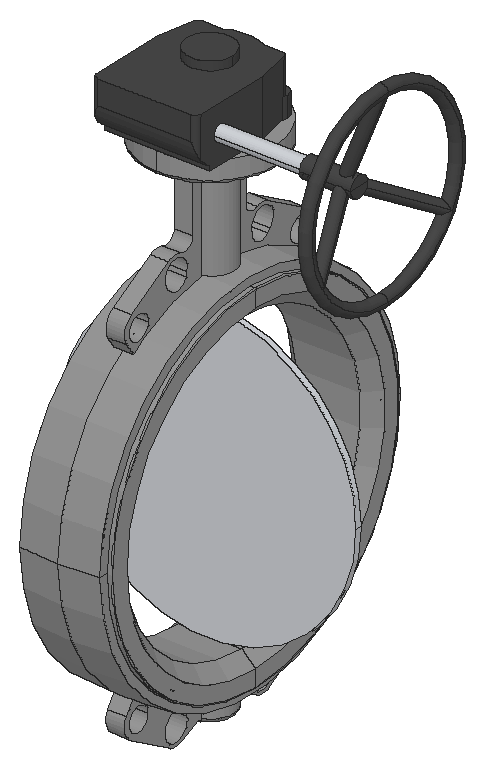
Revit family "Absperr- und Regulierklappe mit Getriebe ZF-4219", category Rohrzubehör, Revit 2020
Family settings
  Bemaßung runder Anschluss = Durchmesser verwenden
  Teiletyp = Unterbricht
  Arbeitsebenenbasiert = Nein
  Immer vertikal = Ja
  Beim Laden mit Abzugskörper schneiden = Nein
  Gemeinsam genutzt = Nein
Parameters
  Vorgabe-Ansicht = 0 mm
  URL = "www.herz-armaturen.at"
  Spindel = "Edelstahl ASTM-A276 / Type 316"  # constant formula
  Schrauben PN16 [instance] = if(Nennweite = 50 mm, "4x M16x100", if(Nennweite = 65 mm, "4x M16x100", if(Nennweite = 80 mm, "8x M16x100", if(Nennweite = 100 mm, "8x M16x110", if(Nennweite = 125 mm, "8x M16x120", if(Nennweite = 150 mm, "8x M20x120", if(Nennweite = 200 mm, "12x M20x130", if(Nennweite = 250 mm, "12x M24x140", "12x M24x160"))))))))  # "12x M24x160"
  Schrauben PN 6 [instance] = if(Nennweite = 50 mm, "4x M12x100", if(Nennweite = 65 mm, "4x M12x100", if(Nennweite = 80 mm, "4x M16x100", if(Nennweite = 100 mm, "4x M16x100", if(Nennweite = 125 mm, "8x M16x110", if(Nennweite = 150 mm, "8x M16x110", if(Nennweite = 200 mm, "--", if(Nennweite = 250 mm, "12x M16x130", "12xM16x140"))))))))  # "12xM16x140"
  Schrauben PN10 [instance] = if(Nennweite = 50 mm, "4x M16x100", if(Nennweite = 65 mm, "4x M16x100", if(Nennweite = 80 mm, "4x M16x100", if(Nennweite = 100 mm, "4x M16x110", if(Nennweite = 125 mm, "8x M16x120", if(Nennweite = 150 mm, "8x M20x120", if(Nennweite = 200 mm, "8x M20x130", if(Nennweite = 250 mm, "12x M20x130", "12x M20x150"))))))))  # "12x M20x150"
  SCTWSEQ = "FW;SBT_TYP_FW=\"101\";2"
  SCTWCODE = "04;07;02"  # constant formula
  SCRNSEQ = "ARM;ARM_TYP=\"ALLF\";2"
  SCRNCODE = "05;13;02"  # constant formula
  R_Dichtung = 1.5 mm  # constant formula
  PN16 [instance] = or(Nennweite = 50 mm, Nennweite = 65 mm, Nennweite = 80 mm, Nennweite = 100 mm, Nennweite = 125 mm, Nennweite = 150 mm, Nennweite = 200 mm, Nennweite = 250 mm, Nennweite = 300 mm)  # yes
  PN10 [instance] = or(Nennweite = 50 mm, Nennweite = 65 mm, Nennweite = 80 mm, Nennweite = 100 mm, Nennweite = 125 mm, Nennweite = 150 mm, Nennweite = 200 mm, Nennweite = 250 mm, Nennweite = 300 mm)  # yes
  PN 6 [instance] = or(Nennweite = 50 mm, Nennweite = 65 mm, Nennweite = 80 mm, Nennweite = 100 mm, Nennweite = 125 mm, Nennweite = 150 mm, Nennweite = 250 mm, Nennweite = 300 mm)  # yes
  PN [instance] = 16  # constant formula
  O-Ring = "EPDM entsprechend ISO 1691"  # constant formula
  Nennweite [instance] = 300 mm
  Min. Betriebstemperatur = "-20.00 °C bei entsprechender Wasser-Glycolmischung"  # constant formula
  Medium = "Ethylen- und Propyleneglykol kann in einem Mischungsverhältnis zwischen 25 - 50 vol. [%] verwendet werden."
  Max. Betriebstemperatur = 110 °C  # constant formula
  LO1 [instance] = R05 + 10 mm  # 193 mm
  L16 [instance] = L01 - L13  # 299 mm
  L15 [instance] = L01 + L12  # 328 mm
  L14 [instance] = size_lookup("4219_ZF_G", "L_14", 44.4 mm, Nennweite)  # 89.4 mm
  L13 [instance] = size_lookup("4219_ZF_G", "L_13", 15 mm, Nennweite)  # 9 mm
  L12 [instance] = size_lookup("4219_ZF_G", "L_12", 15 mm, Nennweite)  # 20 mm
  L11 [instance] = size_lookup("4219_ZF_G", "L_11", 15 mm, Nennweite)  # 23 mm
  L10 [instance] = size_lookup("4219_ZF_G", "L_10", 16 mm, Nennweite)  # 16 mm
  L09 [instance] = size_lookup("4219_ZF_G", "L9", 29 mm, Nennweite)  # 61 mm
  L08 [instance] = size_lookup("4219_ZF_G", "L8", 43 mm, Nennweite)  # 78 mm
  L07 [instance] = size_lookup("4219_ZF_G", "L7", 3.5 mm, Nennweite)  # 4.5 mm
  L06 [instance] = size_lookup("4219_ZF_G", "L6", 18 mm, Nennweite)  # 44 mm
  L05 [instance] = size_lookup("4219_ZF_G", "L5", 35 mm, Nennweite)  # 67 mm
  L04 [instance] = size_lookup("4219_ZF_G", "L4", 35 mm, Nennweite)  # 17.5 mm
  L03 [instance] = size_lookup("4219_ZF_G", "L3", 35 mm, Nennweite)  # 207.5 mm
  L02 [instance] = size_lookup("4219_ZF_G", "L2", 35 mm, Nennweite)  # 122 mm
  L01 [instance] = size_lookup("4219_ZF_G", "L1", 35 mm, Nennweite)  # 308 mm
  Klappenscheibe = "Edelstahl 1.4408"  # constant formula
  Hersteller = "HERZ Armaturen Ges.m.b.H."  # constant formula
  Hebel DN 50-DN150 = "Stahl, ST14.03"  # constant formula
  Hebel DN200-300 = "Stahl, S235 DIN2458/1626"  # constant formula
  H [instance] = size_lookup("4219_ZF_G", "H1", 9 mm, Nennweite)  # 22 mm
  Gewicht in kg [instance] = size_lookup("4219_ZF_G", "M", 37.6, Nennweite)  # 37.6
  Gewicht [instance] = 0.00 kg
  Gehäuseauskleidung = "EPDM entsprechend ISO 1691"  # constant formula
  Gehäuse = "GG, GJL-250/JL1040, entsprechend EN1561"  # constant formula
  Einbaudatum [instance] = ""
  Drehmoment in Nm [instance] = size_lookup("4219_ZF_G", "NM", 350, Nennweite)  # 350
  DN300 [instance] = Nennweite = 300 mm  # yes
  DN250 [instance] = Nennweite = 250 mm  # no
  DN200 [instance] = Nennweite = 200 mm  # no
  DN150 [instance] = Nennweite = 150 mm  # no
  DN125 [instance] = Nennweite = 125 mm  # no
  DN100 [instance] = Nennweite = 100 mm  # no
  DN 80 [instance] = Nennweite = 80 mm  # no
  DN 65 [instance] = Nennweite = 65 mm  # no
  DN 50 [instance] = Nennweite = 50 mm  # no
  Chargennummer [instance] = ""
  BD [instance] = size_lookup("4219_ZF_G", "DB", 24 mm, Nennweite)  # 290 mm
  D09 [instance] = size_lookup("4219_ZF_G", "D9", 24 mm, Nennweite)  # 145 mm
  D08 [instance] = size_lookup("4219_ZF_G", "D8", 47 mm, Nennweite)  # 18 mm
  D07 [instance] = size_lookup("4219_ZF_G", "D7", 47 mm, Nennweite)  # 37.5 mm
  D06 [instance] = size_lookup("4219_ZF_G", "D6", 47 mm, Nennweite)  # 65 mm
  R05 [instance] = size_lookup("4219_ZF_G", "D5", 47 mm, Nennweite)  # 183 mm
  D05 [instance] = R05 * 2  # 366 mm
  D04 [instance] = size_lookup("4219_ZF_G", "D4", 41 mm, Nennweite)  # 175 mm
  D03 [instance] = size_lookup("4219_ZF_G", "D3", 35.5 mm, Nennweite)  # 167.5 mm
  R01 [instance] = size_lookup("4219_ZF_G", "D1", 28 mm, Nennweite)  # 154.5 mm
  R02 [instance] = size_lookup("4219_ZF_G", "D2", 30 mm, Nennweite)  # 156.5 mm
  Bestellnummer [instance] = size_lookup("4219_ZF_G", "Artnr", 1421901, Nennweite)  # 1421969
  Anwendungsgebiet = "Geeignet für Flüssigkeiten in der Haustechnik, Kaltwasser, Heißwasser, etc."
  Anschlussflansch = "entsprechend EN1092-2"  # constant formula
Reference planes
  plane 1 "Mitte (Vorne/hinten)": y = 0
  plane 2: z = 0
  plane 3 "Mitte (Links/rechts)": x = 0
Forms (mm)
  Revolve 1, solid, material "Herz-Metall-blau", detail levels fine
    sketch origin (0, 0, 0) x (1, 0, 0) y (0, 1, 0)
      loop
        line (0, 185.241) -> (-39, 183) -> (-39, 175) -> (-30.5, 175) -> (-30.5, 167.5) -> (-32, 167.5)
        arc (-32, 167.5) -> (-33.061, 167.061) -> (-33.5, 166) r 1.5
        line (-33.5, 166) -> (-33.5, 156.824)
        arc (-33.5, 156.824) -> (-33.229, 155.964) -> (-32.513, 155.415) r 1.5
        line (-32.513, 155.415) -> (-29, 154.5) -> (-22, 154.5) -> (-22, 156.5) -> (22, 156.5) -> (22, 154.5) -> (29, 154.5) -> (32.513, 155.415)
        arc (32.513, 155.415) -> (33.229, 155.964) -> (33.5, 156.824) r 1.5
        line (33.5, 156.824) -> (33.5, 166)
        arc (33.5, 166) -> (33.061, 167.061) -> (32, 167.5) r 1.5
        line (32, 167.5) -> (30.5, 167.5) -> (30.5, 175) -> (39, 175) -> (39, 183) -> (0, 185.241)
      axis (39, 0) -> (-39, 0)
    angle from 0 to 360
  Extrusion 2, solid, material "Herz-Metall-blau", visible <- "DN 50", detail levels fine
    sketch origin (0, 0, 0) x (0, 1, 0) y (0, 0, 1)
      loop
        line (20, 54.051) -> (20.008, 111.113) -> (16.897, 110.952)
        arc (16.897, 110.952) -> (15.55, 110.331) -> (15, 108.954) r 2
        line (15, 108.954) -> (15, 44.542)
        arc (15, 44.542) -> (31.465, 34.913) -> (42.748, 19.534) r 47
        arc (42.748, 19.534) -> (42.633, 20.873) -> (43.392, 21.983) r 2
        line (43.392, 21.983) -> (54.714, 30.209)
        arc (54.714, 30.209) -> (56.569, 56.569) -> (30.209, 54.714) r 17.5
        line (30.209, 54.714) -> (27.87, 51.494)
        arc (27.87, 51.494) -> (23.006, 49.914) -> (20, 54.051) r 4.35
      loop
        arc (32.065, 41.998) -> (33.588, 33.588) -> (41.998, 32.065) r 7.5
        line (41.998, 32.065) -> (48.502, 35.17)
        arc (48.502, 35.17) -> (51.265, 51.265) -> (35.17, 48.502) r 10
        line (35.17, 48.502) -> (32.065, 41.998)
      loop
        arc (-20, 54.051) -> (-23.006, 49.914) -> (-27.87, 51.494) r 4.35
        line (-27.87, 51.494) -> (-30.209, 54.714)
        arc (-30.209, 54.714) -> (-56.569, 56.569) -> (-54.714, 30.209) r 17.5
        line (-54.714, 30.209) -> (-43.392, 21.983)
        arc (-43.392, 21.983) -> (-42.633, 20.873) -> (-42.748, 19.534) r 2
        arc (-42.748, 19.534) -> (-31.465, 34.913) -> (-15, 44.542) r 47
        line (-15, 44.542) -> (-15, 108.954)
        arc (-15, 108.954) -> (-15.55, 110.331) -> (-16.897, 110.952) r 2
        line (-16.897, 110.952) -> (-20.008, 111.113) -> (-20, 54.051)
      loop
        line (-32.065, 41.998) -> (-35.17, 48.502)
        arc (-35.17, 48.502) -> (-51.265, 51.265) -> (-48.502, 35.17) r 10
        line (-48.502, 35.17) -> (-41.998, 32.065)
        arc (-41.998, 32.065) -> (-33.588, 33.588) -> (-32.065, 41.998) r 7.5
      loop
        line (32.065, -41.998) -> (35.17, -48.502)
        arc (35.17, -48.502) -> (51.265, -51.265) -> (48.502, -35.17) r 10
        line (48.502, -35.17) -> (41.998, -32.065)
        arc (41.998, -32.065) -> (33.588, -33.588) -> (32.065, -41.998) r 7.5
      loop
        line (54.714, -30.209) -> (43.392, -21.983)
        arc (43.392, -21.983) -> (42.633, -20.873) -> (42.748, -19.534) r 2
        arc (42.748, -19.534) -> (33.234, -33.234) -> (19.534, -42.748) r 47
        arc (19.534, -42.748) -> (20.873, -42.633) -> (21.983, -43.392) r 2
        line (21.983, -43.392) -> (30.209, -54.714)
        arc (30.209, -54.714) -> (56.569, -56.569) -> (54.714, -30.209) r 17.5
      loop
        arc (-32.065, -41.998) -> (-33.588, -33.588) -> (-41.998, -32.065) r 7.5
        line (-41.998, -32.065) -> (-48.502, -35.17)
        arc (-48.502, -35.17) -> (-51.265, -51.265) -> (-35.17, -48.502) r 10
        line (-35.17, -48.502) -> (-32.065, -41.998)
      loop
        arc (-54.714, -30.209) -> (-56.569, -56.569) -> (-30.209, -54.714) r 17.5
        line (-30.209, -54.714) -> (-21.983, -43.392)
        arc (-21.983, -43.392) -> (-20.873, -42.633) -> (-19.534, -42.748) r 2
        arc (-19.534, -42.748) -> (-33.234, -33.234) -> (-42.748, -19.534) r 47
        arc (-42.748, -19.534) -> (-42.633, -20.873) -> (-43.392, -21.983) r 2
        line (-43.392, -21.983) -> (-54.714, -30.209)
    from -4.5 to 4.5
  Extrusion 3, solid, material "Herz-Metall-blau", visible <- "DN 65", detail levels fine
    sketch origin (0, 0, 0) x (0, 1, 0) y (0, 0, 1)
      loop
        arc (51.659, 21.619) -> (51.541, 22.778) -> (52.089, 23.805) r 2
        line (52.089, 23.805) -> (65.407, 37.123)
        arc (65.407, 37.123) -> (65.407, 65.407) -> (37.123, 65.407) r 20
        line (37.123, 65.407) -> (29.414, 57.699)
        arc (29.414, 57.699) -> (27.235, 57.265) -> (26, 59.113) r 2
        line (26, 59.113) -> (26, 136.154) -> (19.897, 135.838)
        arc (19.897, 135.838) -> (18.55, 135.218) -> (18, 133.841) r 2
        line (18, 133.841) -> (18, 53.028)
        arc (18, 53.028) -> (38.206, 40.942) -> (51.659, 21.619) r 56
      loop
        arc (55.637, 42.831) -> (57.983, 57.983) -> (42.831, 55.637) r 9.5
        line (42.831, 55.637) -> (39.647, 48.983)
        arc (39.647, 48.983) -> (41.012, 41.012) -> (48.983, 39.647) r 7
        line (48.983, 39.647) -> (55.637, 42.831)
      loop
        arc (51.659, -21.619) -> (39.598, -39.598) -> (21.619, -51.659) r 56
        arc (21.619, -51.659) -> (22.778, -51.541) -> (23.805, -52.089) r 2
        line (23.805, -52.089) -> (37.123, -65.407)
        arc (37.123, -65.407) -> (65.407, -65.407) -> (65.407, -37.123) r 20
        line (65.407, -37.123) -> (52.089, -23.805)
        arc (52.089, -23.805) -> (51.541, -22.778) -> (51.659, -21.619) r 2
      loop
        line (55.637, -42.831) -> (48.983, -39.647)
        arc (48.983, -39.647) -> (41.012, -41.012) -> (39.647, -48.983) r 7
        line (39.647, -48.983) -> (42.831, -55.637)
        arc (42.831, -55.637) -> (57.983, -57.983) -> (55.637, -42.831) r 9.5
      loop
        arc (-51.659, -21.619) -> (-51.541, -22.778) -> (-52.089, -23.805) r 2
        line (-52.089, -23.805) -> (-65.407, -37.123)
        arc (-65.407, -37.123) -> (-65.407, -65.407) -> (-37.123, -65.407) r 20
        line (-37.123, -65.407) -> (-23.805, -52.089)
        arc (-23.805, -52.089) -> (-22.778, -51.541) -> (-21.619, -51.659) r 2
        arc (-21.619, -51.659) -> (-39.598, -39.598) -> (-51.659, -21.619) r 56
      loop
        arc (-55.637, -42.831) -> (-57.983, -57.983) -> (-42.831, -55.637) r 9.5
        line (-42.831, -55.637) -> (-39.647, -48.983)
        arc (-39.647, -48.983) -> (-41.012, -41.012) -> (-48.983, -39.647) r 7
        line (-48.983, -39.647) -> (-55.637, -42.831)
      loop
        arc (-51.659, 21.619) -> (-38.206, 40.942) -> (-18, 53.028) r 56
        line (-18, 53.028) -> (-18, 133.838)
        arc (-18, 133.838) -> (-18.55, 135.215) -> (-19.897, 135.835) r 2
        line (-19.897, 135.835) -> (-26, 136.151) -> (-26, 59.113)
        arc (-26, 59.113) -> (-27.235, 57.265) -> (-29.414, 57.699) r 2
        line (-29.414, 57.699) -> (-37.123, 65.407)
        arc (-37.123, 65.407) -> (-65.407, 65.407) -> (-65.407, 37.123) r 20
        line (-65.407, 37.123) -> (-52.089, 23.805)
        arc (-52.089, 23.805) -> (-51.541, 22.778) -> (-51.659, 21.619) r 2
      loop
        line (-55.637, 42.831) -> (-48.983, 39.647)
        arc (-48.983, 39.647) -> (-41.012, 41.012) -> (-39.647, 48.983) r 7
        line (-39.647, 48.983) -> (-42.831, 55.637)
        arc (-42.831, 55.637) -> (-57.983, 57.983) -> (-55.637, 42.831) r 9.5
    from -4.5 to 4.5
  Extrusion 4, solid, material "Herz-Metall-blau", visible <- "DN 80", detail levels fine
    sketch origin (0, 0, 0) x (0, 1, 0) y (0, 0, 1)
      loop
        line (26, 143.161) -> (20.397, 142.871)
        arc (20.397, 142.871) -> (19.05, 142.251) -> (18.5, 140.874) r 2
        line (18.5, 140.874) -> (18.5, 62.833)
        arc (18.5, 62.833) -> (41.296, 50.842) -> (57.706, 30.989) r 65.5
        arc (57.706, 30.989) -> (57.482, 32.176) -> (57.983, 33.275) r 2
        line (57.983, 33.275) -> (67.23, 43.52)
        arc (67.23, 43.52) -> (70.328, 54.798) -> (65.407, 65.407) r 17
        line (65.407, 65.407) -> (42.005, 86.53)
        arc (42.005, 86.53) -> (37.832, 89.302) -> (33.031, 90.738) r 17
        arc (33.031, 90.738) -> (27.974, 93.895) -> (26, 99.52) r 9
        line (26, 99.52) -> (26, 143.161)
      loop
        circle (30.615, 73.91) r 9.5
      loop
        circle (53.387, 53.387) r 9.5
      loop
        arc (57.706, -30.989) -> (41.296, -50.842) -> (18.5, -62.833) r 65.5
        line (18.5, -62.833) -> (18.5, -85.837)
        arc (18.5, -85.837) -> (30.113, -90.903) -> (42.005, -86.53) r 17
        line (42.005, -86.53) -> (65.407, -65.407)
        arc (65.407, -65.407) -> (70.328, -54.798) -> (67.23, -43.52) r 17
        line (67.23, -43.52) -> (57.983, -33.275)
        arc (57.983, -33.275) -> (57.482, -32.176) -> (57.706, -30.989) r 2
      loop
        circle (30.615, -73.91) r 9.5
      loop
        circle (53.387, -53.387) r 9.5
      loop
        arc (-57.706, -30.989) -> (-57.482, -32.176) -> (-57.983, -33.275) r 2
        line (-57.983, -33.275) -> (-67.23, -43.52)
        arc (-67.23, -43.52) -> (-70.328, -54.798) -> (-65.407, -65.407) r 17
        line (-65.407, -65.407) -> (-42.005, -86.53)
        arc (-42.005, -86.53) -> (-30.113, -90.903) -> (-18.5, -85.837) r 17
        line (-18.5, -85.837) -> (-18.5, -62.833)
        arc (-18.5, -62.833) -> (-41.296, -50.842) -> (-57.706, -30.989) r 65.5
      loop
        circle (-30.615, -73.91) r 9.5
      loop
        circle (-53.387, -53.387) r 9.5
      loop
        line (-26, 143.179) -> (-26, 99.52)
        arc (-26, 99.52) -> (-27.974, 93.895) -> (-33.031, 90.738) r 9
        arc (-33.031, 90.738) -> (-37.832, 89.302) -> (-42.005, 86.53) r 17
        line (-42.005, 86.53) -> (-65.407, 65.407)
        arc (-65.407, 65.407) -> (-70.328, 54.798) -> (-67.23, 43.52) r 17
        line (-67.23, 43.52) -> (-57.983, 33.275)
        arc (-57.983, 33.275) -> (-57.482, 32.176) -> (-57.706, 30.989) r 2
        arc (-57.706, 30.989) -> (-41.296, 50.842) -> (-18.5, 62.833) r 65.5
        line (-18.5, 62.833) -> (-18.5, 140.891)
        arc (-18.5, 140.891) -> (-19.05, 142.268) -> (-20.397, 142.888) r 2
        line (-20.397, 142.888) -> (-26, 143.179)
      loop
        circle (-30.615, 73.91) r 9.5
      loop
        circle (-53.387, 53.387) r 9.5
    from -4.5 to 4.5
  Extrusion 5, solid, material "Herz-Metall-blau", visible <- "DN100", detail levels fine
    sketch origin (0, 0, 0) x (0, 1, 0) y (0, 0, 1)
      loop
        line (64.131, 38.887) -> (73.681, 49.873)
        arc (73.681, 49.873) -> (77.063, 61.29) -> (72.125, 72.125) r 17
        line (72.125, 72.125) -> (45.809, 95.79)
        arc (45.809, 95.79) -> (41.366, 98.675) -> (36.25, 100.053) r 17
        arc (36.25, 100.053) -> (28.882, 104.596) -> (26, 112.759) r 13
        line (26, 112.759) -> (26, 166.173) -> (20.397, 165.883)
        arc (20.397, 165.883) -> (19.05, 165.263) -> (18.5, 163.886) r 2
        line (18.5, 163.886) -> (18.5, 72.683)
        arc (18.5, 72.683) -> (44.637, 60.27) -> (64.131, 38.887) r 75
      loop
        circle (60.104, 60.104) r 9.5
      loop
        circle (34.442, 83.149) r 9.5
      loop
        arc (64.131, -38.887) -> (44.637, -60.27) -> (18.5, -72.683) r 75
        line (18.5, -72.683) -> (18.5, -95.329)
        arc (18.5, -95.329) -> (21.473, -95.603) -> (24.233, -96.743) r 10
        arc (24.233, -96.743) -> (35.191, -100.133) -> (45.809, -95.79) r 17
        line (45.809, -95.79) -> (72.125, -72.125)
        arc (72.125, -72.125) -> (77.063, -61.29) -> (73.681, -49.873) r 17
        line (73.681, -49.873) -> (64.131, -38.887)
      loop
        circle (60.104, -60.104) r 9.5
      loop
        circle (34.442, -83.149) r 9.5
      loop
        line (-64.131, -38.887) -> (-73.681, -49.873)
        arc (-73.681, -49.873) -> (-77.063, -61.29) -> (-72.125, -72.125) r 17
        line (-72.125, -72.125) -> (-45.809, -95.79)
        arc (-45.809, -95.79) -> (-35.191, -100.133) -> (-24.233, -96.743) r 17
        arc (-24.233, -96.743) -> (-21.473, -95.603) -> (-18.5, -95.329) r 10
        line (-18.5, -95.329) -> (-18.5, -72.683)
        arc (-18.5, -72.683) -> (-44.637, -60.27) -> (-64.131, -38.887) r 75
      loop
        circle (-60.104, -60.104) r 9.5
      loop
        circle (-34.442, -83.149) r 9.5
      loop
        arc (-64.131, 38.887) -> (-44.637, 60.27) -> (-18.5, 72.683) r 75
        line (-18.5, 72.683) -> (-18.5, 163.876)
        arc (-18.5, 163.876) -> (-19.05, 165.253) -> (-20.397, 165.873) r 2
        line (-20.397, 165.873) -> (-26, 166.164) -> (-26, 112.759)
        arc (-26, 112.759) -> (-28.882, 104.596) -> (-36.25, 100.053) r 13
        arc (-36.25, 100.053) -> (-41.366, 98.675) -> (-45.809, 95.79) r 17
        line (-45.809, 95.79) -> (-72.125, 72.125)
        arc (-72.125, 72.125) -> (-77.063, 61.29) -> (-73.681, 49.873) r 17
        line (-73.681, 49.873) -> (-64.131, 38.887)
      loop
        circle (-60.104, 60.104) r 9.5
      loop
        circle (-34.442, 83.149) r 9.5
    from -4.5 to 4.5
  Extrusion 6, solid, material "Herz-Metall-blau", visible <- "DN125", detail levels fine
    sketch origin (0, 0, 0) x (0, 1, 0) y (0, 0, 1)
      loop
        arc (75.229, 48.945) -> (74.917, 50.244) -> (75.492, 51.45) r 2
        line (75.492, 51.45) -> (82.731, 58.69)
        arc (82.731, 58.69) -> (87.711, 70.711) -> (82.731, 82.731) r 17
        line (82.731, 82.731) -> (51.291, 109.875)
        arc (51.291, 109.875) -> (46.108, 112.941) -> (40.182, 114.007) r 17
        line (40.182, 114.007) -> (38, 114.007)
        arc (38, 114.007) -> (29.515, 117.522) -> (26, 126.007) r 12
        line (26, 126.007) -> (26, 185.157) -> (20.397, 184.867)
        arc (20.397, 184.867) -> (19.05, 184.246) -> (18.5, 182.869) r 2
        line (18.5, 182.869) -> (18.5, 87.823)
        arc (18.5, 87.823) -> (50.736, 74.033) -> (75.229, 48.945) r 89.75
      loop
        circle (40.182, 97.007) r 9.5
      loop
        circle (70.711, 70.711) r 9.5
      loop
        arc (75.229, -48.945) -> (50.736, -74.033) -> (18.5, -87.823) r 89.75
        line (18.5, -87.823) -> (18.5, -108.431)
        arc (18.5, -108.431) -> (24.248, -107.655) -> (29.46, -110.2) r 10
        arc (29.46, -110.2) -> (40.434, -114.005) -> (51.291, -109.875) r 17
        line (51.291, -109.875) -> (82.731, -82.731)
        arc (82.731, -82.731) -> (87.711, -70.711) -> (82.731, -58.69) r 17
        line (82.731, -58.69) -> (75.492, -51.45)
        arc (75.492, -51.45) -> (74.917, -50.244) -> (75.229, -48.945) r 2
      loop
        circle (40.182, -97.007) r 9.5
      loop
        circle (70.711, -70.711) r 9.5
      loop
        arc (-75.229, -48.945) -> (-74.917, -50.244) -> (-75.492, -51.45) r 2
        line (-75.492, -51.45) -> (-82.731, -58.69)
        arc (-82.731, -58.69) -> (-87.711, -70.711) -> (-82.731, -82.731) r 17
        line (-82.731, -82.731) -> (-51.291, -109.875)
        arc (-51.291, -109.875) -> (-40.434, -114.005) -> (-29.46, -110.2) r 17
        arc (-29.46, -110.2) -> (-24.248, -107.655) -> (-18.5, -108.431) r 10
        line (-18.5, -108.431) -> (-18.5, -87.823)
        arc (-18.5, -87.823) -> (-50.736, -74.033) -> (-75.229, -48.945) r 89.75
      loop
        circle (-40.182, -97.007) r 9.5
      loop
        circle (-70.711, -70.711) r 9.5
      loop
        arc (-75.229, 48.945) -> (-50.736, 74.033) -> (-18.5, 87.823) r 89.75
        line (-18.5, 87.823) -> (-18.5, 182.852)
        arc (-18.5, 182.852) -> (-19.05, 184.23) -> (-20.397, 184.85) r 2
        line (-20.397, 184.85) -> (-26, 185.14) -> (-26, 126.007)
        arc (-26, 126.007) -> (-29.515, 117.522) -> (-38, 114.007) r 12
        line (-38, 114.007) -> (-40.182, 114.007)
        arc (-40.182, 114.007) -> (-46.108, 112.941) -> (-51.291, 109.875) r 17
        line (-51.291, 109.875) -> (-82.731, 82.731)
        arc (-82.731, 82.731) -> (-87.711, 70.711) -> (-82.731, 58.69) r 17
        line (-82.731, 58.69) -> (-75.492, 51.45)
        arc (-75.492, 51.45) -> (-74.917, 50.244) -> (-75.229, 48.945) r 2
      loop
        circle (-40.182, 97.007) r 9.5
      loop
        circle (-70.711, 70.711) r 9.5
    from -6 to 6
  Extrusion 7, solid, material "Herz-Metall-blau", visible <- "DN150", detail levels fine
    sketch origin (0, 0, 0) x (0, 1, 0) y (0, 0, 1)
      loop
        line (83.495, 59.454) -> (91.57, 67.529)
        arc (91.57, 67.529) -> (96.55, 79.55) -> (91.57, 91.57) r 17
        line (91.57, 91.57) -> (57.511, 123.304)
        arc (57.511, 123.304) -> (45.758, 127.865) -> (34.095, 123.077) r 17
        arc (34.095, 123.077) -> (28.976, 122.416) -> (26, 126.633) r 5
        line (26, 126.633) -> (26, 198.177) -> (20.397, 197.887)
        arc (20.397, 197.887) -> (19.05, 197.267) -> (18.5, 195.889) r 2
        line (18.5, 195.889) -> (18.5, 100.817)
        arc (18.5, 100.817) -> (55.032, 86.474) -> (83.495, 59.454) r 102.5
      loop
        circle (45.922, 110.866) r 11.5
      loop
        circle (79.55, 79.55) r 9.5
      loop
        circle (45.922, -110.866) r 11.5
      loop
        circle (79.55, -79.55) r 9.5
      loop
        line (91.57, -67.529) -> (83.495, -59.454)
        arc (83.495, -59.454) -> (55.032, -86.474) -> (18.5, -100.817) r 102.5
        line (18.5, -100.817) -> (18.5, -123.208)
        arc (18.5, -123.208) -> (19.363, -121.755) -> (21.03, -121.482) r 2
        line (21.03, -121.482) -> (42.642, -127.546)
        arc (42.642, -127.546) -> (50.587, -127.213) -> (57.511, -123.304) r 17
        line (57.511, -123.304) -> (91.57, -91.57)
        arc (91.57, -91.57) -> (96.55, -79.55) -> (91.57, -67.529) r 17
      loop
        arc (-83.495, 59.454) -> (-55.032, 86.474) -> (-18.5, 100.817) r 102.5
        line (-18.5, 100.817) -> (-18.5, 195.875)
        arc (-18.5, 195.875) -> (-19.05, 197.252) -> (-20.397, 197.872) r 2
        line (-20.397, 197.872) -> (-26, 198.163) -> (-26, 126.633)
        arc (-26, 126.633) -> (-28.976, 122.416) -> (-34.095, 123.077) r 5
        arc (-34.095, 123.077) -> (-45.758, 127.865) -> (-57.511, 123.304) r 17
        line (-57.511, 123.304) -> (-91.57, 91.57)
        arc (-91.57, 91.57) -> (-96.55, 79.55) -> (-91.57, 67.529) r 17
        line (-91.57, 67.529) -> (-83.495, 59.454)
      loop
        circle (-45.922, 110.866) r 11.5
      loop
        circle (-79.55, 79.55) r 9.5
      loop
        circle (-45.922, -110.866) r 11.5
      loop
        circle (-79.55, -79.55) r 9.5
      loop
        arc (-91.57, -67.529) -> (-96.55, -79.55) -> (-91.57, -91.57) r 17
        line (-91.57, -91.57) -> (-57.511, -123.304)
        arc (-57.511, -123.304) -> (-50.587, -127.213) -> (-42.642, -127.546) r 17
        line (-42.642, -127.546) -> (-21.03, -121.482)
        arc (-21.03, -121.482) -> (-19.363, -121.755) -> (-18.5, -123.208) r 2
        line (-18.5, -123.208) -> (-18.5, -100.817)
        arc (-18.5, -100.817) -> (-55.032, -86.474) -> (-83.495, -59.454) r 102.5
        line (-83.495, -59.454) -> (-91.57, -67.529)
    from -7 to 7
  Extrusion 8, solid, material "Herz-Metall-blau", visible <- "DN200", detail levels fine
    sketch origin (0, 0, 0) x (0, 1, 0) y (0, 0, 1)
      loop
        arc (42.048, 153.832) -> (26.654, 145.827) -> (35.349, 130.812) r 12
        line (35.349, 130.812) -> (53.31, 124.689)
        arc (53.31, 124.689) -> (67.804, 132.4) -> (61.038, 147.359) r 12
        line (61.038, 147.359) -> (42.048, 153.832)
      loop
        line (28, 226.273) -> (22.065, 226.047)
        arc (22.065, 226.047) -> (20.655, 225.469) -> (20, 224.092) r 2.114
        line (20, 224.092) -> (20, 129.471)
        arc (20, 129.471) -> (49.604, 121.273) -> (76.485, 106.406) r 130.989
        line (76.485, 106.406) -> (76.485, 136.265)
        arc (76.485, 136.265) -> (73.108, 147.391) -> (64.117, 154.764) r 20.019
        line (64.117, 154.764) -> (38.16, 163.592)
        arc (38.16, 163.592) -> (30.802, 169.06) -> (28, 177.79) r 15
        line (28, 177.79) -> (28, 226.273)
      loop
        line (42.048, -153.832) -> (61.038, -147.359)
        arc (61.038, -147.359) -> (67.804, -132.4) -> (53.31, -124.689) r 12
        line (53.31, -124.689) -> (35.349, -130.812)
        arc (35.349, -130.812) -> (26.654, -145.827) -> (42.048, -153.832) r 12
      loop
        arc (76.446, -106.382) -> (49.585, -121.253) -> (20, -129.464) r 131
        line (20, -129.464) -> (20, -141.835)
        arc (20, -141.835) -> (28.361, -158.099) -> (46.453, -160.765) r 20
        line (46.453, -160.765) -> (64.099, -154.75)
        arc (64.099, -154.75) -> (73.075, -147.384) -> (76.446, -136.272) r 20
        line (76.446, -136.272) -> (76.446, -106.382)
      loop
        arc (-42.048, -153.832) -> (-26.654, -145.827) -> (-35.349, -130.812) r 12
        line (-35.349, -130.812) -> (-53.31, -124.689)
        arc (-53.31, -124.689) -> (-67.804, -132.4) -> (-61.038, -147.359) r 12
        line (-61.038, -147.359) -> (-42.048, -153.832)
      loop
        line (-76.446, -106.382) -> (-76.446, -136.272)
        arc (-76.446, -136.272) -> (-73.075, -147.384) -> (-64.099, -154.75) r 20
        line (-64.099, -154.75) -> (-46.453, -160.765)
        arc (-46.453, -160.765) -> (-28.361, -158.099) -> (-20, -141.835) r 20
        line (-20, -141.835) -> (-20, -129.464)
        arc (-20, -129.464) -> (-49.585, -121.253) -> (-76.446, -106.382) r 131
      loop
        line (-42.048, 153.832) -> (-61.038, 147.359)
        arc (-61.038, 147.359) -> (-67.804, 132.4) -> (-53.31, 124.689) r 12
        line (-53.31, 124.689) -> (-35.349, 130.812)
        arc (-35.349, 130.812) -> (-26.654, 145.827) -> (-42.048, 153.832) r 12
      loop
        line (-28, 226.278) -> (-28, 177.79)
        arc (-28, 177.79) -> (-30.802, 169.06) -> (-38.16, 163.592) r 15
        line (-38.16, 163.592) -> (-64.117, 154.764)
        arc (-64.117, 154.764) -> (-73.108, 147.391) -> (-76.485, 136.265) r 20.019
        line (-76.485, 136.265) -> (-76.485, 106.406)
        arc (-76.485, 106.406) -> (-49.604, 121.273) -> (-20, 129.471) r 130.989
        line (-20, 129.471) -> (-20, 224.098)
        arc (-20, 224.098) -> (-20.655, 225.475) -> (-22.065, 226.053) r 2.114
        line (-22.065, 226.053) -> (-28, 226.278)
    from -7 to 7
  Extrusion 9, solid, material "Herz-Metall-blau", visible <- "DN250", detail levels fine
    sketch origin (0, 0, 0) x (0, 1, 0) y (0, 0, 1)
      loop
        arc (-95.9, 125.382) -> (-61.406, 145.382) -> (-23, 156.095) r 157.75
        line (-23, 156.095) -> (-23, 258.814)
        arc (-23, 258.814) -> (-23.588, 260.113) -> (-24.893, 260.69) r 2
        line (-24.893, 260.69) -> (-32, 261.058) -> (-32, 187.712)
        arc (-32, 187.712) -> (-33.507, 185.205) -> (-36.428, 185.359) r 2.84
        arc (-36.428, 185.359) -> (-43.951, 188.152) -> (-51.918, 187.184) r 17
        line (-51.918, 187.184) -> (-97.072, 155.872)
        arc (-97.072, 155.872) -> (-100.207, 149.167) -> (-100.195, 141.765) r 17
        line (-100.195, 141.765) -> (-95.9, 125.382)
      loop
        circle (-83.608, 145.492) r 9.5
      loop
        circle (-45.549, 171.269) r 14
      loop
        arc (96.192, -125.349) -> (61.575, -145.51) -> (23, -156.317) r 157.999
        line (23, -156.317) -> (23, -181.388) -> (27.217, -181.388)
        arc (27.217, -181.388) -> (30.142, -181.826) -> (32.812, -183.1) r 10
        line (32.812, -183.1) -> (36.428, -185.542)
        arc (36.428, -185.542) -> (44.468, -188.388) -> (52.878, -186.972) r 17
        line (52.878, -186.972) -> (97.463, -155.872)
        arc (97.463, -155.872) -> (100.598, -149.167) -> (100.586, -141.765) r 17
        line (100.586, -141.765) -> (96.192, -125.349)
      loop
        circle (84, -145.492) r 9.5
      loop
        circle (45.94, -171.452) r 14
      loop
        line (-96.192, -125.349) -> (-100.586, -141.765)
        arc (-100.586, -141.765) -> (-100.598, -149.167) -> (-97.463, -155.872) r 17
        line (-97.463, -155.872) -> (-52.878, -186.972)
        arc (-52.878, -186.972) -> (-44.468, -188.388) -> (-36.428, -185.542) r 17
        line (-36.428, -185.542) -> (-32.812, -183.1)
        arc (-32.812, -183.1) -> (-30.142, -181.826) -> (-27.217, -181.388) r 10
        line (-27.217, -181.388) -> (-23, -181.388) -> (-23, -156.317)
        arc (-23, -156.317) -> (-61.575, -145.51) -> (-96.192, -125.349) r 157.999
      loop
        circle (-84, -145.492) r 9.5
      loop
        circle (-45.94, -171.452) r 14
      loop
        line (95.9, 125.2) -> (100.195, 141.582)
        arc (100.195, 141.582) -> (100.207, 148.984) -> (97.072, 155.689) r 17
        line (97.072, 155.689) -> (51.919, 187.036)
        arc (51.919, 187.036) -> (43.952, 188.006) -> (36.428, 185.212) r 17
        arc (36.428, 185.212) -> (33.507, 185.058) -> (32, 187.566) r 2.84
        line (32, 187.566) -> (32, 261.045) -> (24.893, 260.677)
        arc (24.893, 260.677) -> (23.588, 260.1) -> (23, 258.801) r 2
        line (23, 258.801) -> (23, 155.948)
        arc (23, 155.948) -> (61.411, 145.223) -> (95.9, 125.2) r 157.605
      loop
        circle (83.608, 145.31) r 9.5
      loop
        circle (45.549, 171.122) r 14
    from -9 to 9
  Extrusion 10, solid, material "Herz-Metall-blau", visible <- "DN300", detail levels fine
    sketch origin (0, 0, 0) x (0, 1, 0) y (0, 0, 1)
      loop
        arc (62.57, 187.834) -> (56.268, 211.23) -> (39.112, 194.12) r 14
        line (39.112, 194.12) -> (40.223, 189.928)
        arc (40.223, 189.928) -> (48.374, 181.769) -> (59.504, 184.767) r 11.5
        line (59.504, 184.767) -> (62.57, 187.834)
      loop
        circle (98.337, 170.892) r 12
      loop
        arc (113.094, 162.454) -> (114.748, 175.326) -> (106.837, 185.615) r 17
        line (106.837, 185.615) -> (61.701, 211.919)
        arc (61.701, 211.919) -> (54.44, 214.463) -> (46.806, 213.516) r 16.852
        arc (46.806, 213.516) -> (36.904, 213.681) -> (32, 222.285) r 10
        line (32, 222.285) -> (32, 286.38) -> (24.895, 286.033)
        arc (24.895, 286.033) -> (23.576, 285.442) -> (23, 284.117) r 2
        line (23, 284.117) -> (23, 181.202)
        arc (23, 181.202) -> (65.613, 170.505) -> (104.437, 149.94) r 182.63
        line (104.437, 149.94) -> (113.094, 162.454)
      loop
        line (62.984, -188.142) -> (59.917, -185.075)
        arc (59.917, -185.075) -> (48.787, -182.077) -> (40.637, -190.235) r 11.5
        line (40.637, -190.235) -> (39.525, -194.427)
        arc (39.525, -194.427) -> (56.681, -211.538) -> (62.984, -188.142) r 14
      loop
        circle (98.75, -171.04) r 12
      loop
        line (113.508, -162.601) -> (104.75, -150.055)
        arc (104.75, -150.055) -> (65.787, -170.766) -> (23, -181.549) r 183
        line (23, -181.549) -> (23, -206.327)
        arc (23, -206.327) -> (24.157, -204.218) -> (26.558, -204.062) r 2.5
        line (26.558, -204.062) -> (45.918, -213.443)
        arc (45.918, -213.443) -> (53.906, -214.994) -> (61.701, -212.654) r 17
        line (61.701, -212.654) -> (107.25, -185.762)
        arc (107.25, -185.762) -> (115.162, -175.474) -> (113.508, -162.601) r 17
      loop
        arc (-62.984, -188.142) -> (-56.681, -211.538) -> (-39.525, -194.427) r 14
        line (-39.525, -194.427) -> (-40.637, -190.235)
        arc (-40.637, -190.235) -> (-48.787, -182.077) -> (-59.917, -185.075) r 11.5
        line (-59.917, -185.075) -> (-62.984, -188.142)
      loop
        circle (-98.75, -171.04) r 12
      loop
        arc (-113.508, -162.601) -> (-115.162, -175.474) -> (-107.25, -185.762) r 17
        line (-107.25, -185.762) -> (-61.701, -212.654)
        arc (-61.701, -212.654) -> (-53.906, -214.994) -> (-45.918, -213.443) r 17
        line (-45.918, -213.443) -> (-26.558, -204.062)
        arc (-26.558, -204.062) -> (-24.157, -204.218) -> (-23, -206.327) r 2.5
        line (-23, -206.327) -> (-23, -181.549)
        arc (-23, -181.549) -> (-65.787, -170.766) -> (-104.75, -150.055) r 183
        line (-104.75, -150.055) -> (-113.508, -162.601)
      loop
        line (-62.574, 188.142) -> (-59.508, 185.075)
        arc (-59.508, 185.075) -> (-48.378, 182.077) -> (-40.227, 190.235) r 11.5
        line (-40.227, 190.235) -> (-39.116, 194.427)
        arc (-39.116, 194.427) -> (-56.272, 211.538) -> (-62.574, 188.142) r 14
      loop
        circle (-98.34, 171.04) r 12
      loop
        line (-113.098, 162.601) -> (-104.44, 150.087)
        arc (-104.44, 150.087) -> (-65.611, 170.637) -> (-23, 181.326) r 182.753
        line (-23, 181.326) -> (-23, 284.115)
        arc (-23, 284.115) -> (-23.577, 285.441) -> (-24.896, 286.032) r 2
        line (-24.896, 286.032) -> (-32, 286.379) -> (-32, 222.593)
        arc (-32, 222.593) -> (-37.217, 213.811) -> (-47.425, 214.193) r 10
        arc (-47.425, 214.193) -> (-54.523, 214.911) -> (-61.291, 212.654) r 17
        line (-61.291, 212.654) -> (-106.84, 185.762)
        arc (-106.84, 185.762) -> (-114.752, 175.474) -> (-113.098, 162.601) r 17
    from -9 to 9
  Revolve 11, solid, material "Herz-Metall-blau"
    sketch origin (0, 0, 0) x (0, 1, 0) y (0, 0, 1)
      loop
        line (0, -183) -> (0, -207.5) -> (20, -207.5)
        arc (20, -207.5) -> (22.121, -206.621) -> (23, -204.5) r 3
        line (23, -204.5) -> (23, -181.549)
        arc (23, -181.549) -> (11.523, -182.637) -> (0, -183) r 183
      axis (0, -181.549) -> (0, -207.5)
    angle from 0 to 360
  Revolve 12, solid, material "Herz-Metall-blau"
    sketch origin (0, 0, 0) x (0, 1, 0) y (0, 0, 1)
      loop
        line (0, 299) -> (0, 183)
        arc (0, 183) -> (11.523, 182.637) -> (23, 181.549) r 183
        line (23, 181.549) -> (23, 284)
        arc (23, 284) -> (23.549, 285.377) -> (24.895, 285.998) r 2
        line (24.895, 285.998) -> (63.105, 288)
        arc (63.105, 288) -> (64.451, 288.621) -> (65, 289.997) r 2
        line (65, 289.997) -> (65, 308) -> (37.5, 308) -> (37.5, 299) -> (0, 299)
      axis (0, 308) -> (0, 181.549)
    angle from 0 to 360
  Revolve 13, solid, material "Gummi"
    sketch origin (0, 0, 0) x (1, 0, 0) y (0, 0, 1)
      loop
        arc (-43.208, 175) -> (-44.263, 174.563) -> (-44.7, 173.508) r 1.492
        line (-44.7, 173.508) -> (-44.7, 156.718) -> (-30.5, 145) -> (30.5, 145) -> (44.7, 157.945) -> (44.7, 174)
        arc (44.7, 174) -> (44.407, 174.707) -> (43.7, 175) r 1
        line (43.7, 175) -> (30.5, 175) -> (30.5, 167.5) -> (32, 167.5)
        arc (32, 167.5) -> (33.061, 167.061) -> (33.5, 166) r 1.5
        line (33.5, 166) -> (33.5, 156.988)
        arc (33.5, 156.988) -> (33.122, 155.993) -> (32.18, 155.499) r 1.5
        line (32.18, 155.499) -> (29, 154.5) -> (20.027, 154.5) -> (20.027, 156.5) -> (-23.973, 156.5) -> (-23.973, 154.5) -> (-29, 154.5) -> (-32.18, 155.499)
        arc (-32.18, 155.499) -> (-33.122, 155.993) -> (-33.5, 156.988) r 1.5
        line (-33.5, 156.988) -> (-33.5, 166)
        arc (-33.5, 166) -> (-33.061, 167.061) -> (-32, 167.5) r 1.5
        line (-32, 167.5) -> (-30.5, 167.5) -> (-30.5, 175) -> (-43.208, 175)
      axis (-44.7, 0) -> (44.7, 0)
    angle from 0 to 360
  Extrusion 14, solid, detail levels fine
    sketch origin (0, 0, 0) x (1, 0, 0) y (0, 0, 1)
      loop
        circle (0, 0) r 145
    from -3 to 3
  Extrusion 15, solid, detail levels fine
    sketch origin (0, 0, 0) x (1, 0, 0) y (0, 1, 0)
      loop
        line (0, 15.556) -> (-15.556, 0) -> (0, -15.556) -> (15.556, 0) -> (0, 15.556)
    from 299 <- "L16" to 328 <- "L15"
Lines and regions (mm)
  model lines, detail levels coarse+medium
    curve 1: line (-39, 183, 0) -> (39, 183, 0)
    curve 2: line (-39, -183, 0) -> (-39, 183, 0)
    curve 3: line (39, -183, 0) -> (-39, -183, 0)
    curve 4: line (39, 183, 0) -> (39, -183, 0)
    curve 5: line (-39, 183, 0) -> (39, -183, 0)
    curve 6: circle (0, 0, 0) r 5 normal (0, 0, 1)
    curve 7: line (-39, 0, 183) -> (39, 0, 183)
    curve 8: line (-39, 0, -183) -> (-39, 0, 183)
    curve 9: line (39, 0, -183) -> (-39, 0, -183)
    curve 10: line (39, 0, 183) -> (39, 0, -183)
    curve 11: line (-39, 0, 183) -> (39, 0, -183)
    curve 12: circle (0, 0, 0) r 7 normal (0, -1, 0)
Dimensions and locks
  "L08": Revolve 1 sketch curve to Revolve 1 sketch curve
  equal spacing: Revolve 1 sketch curve, plane 3 "Mitte (Links/rechts)", Revolve 1 sketch curve  (x4)
  "L07": Revolve 1 sketch curve to Revolve 1 sketch curve  (x2)
  "L06": Revolve 1 sketch curve to Revolve 1 sketch curve
  "L05": Revolve 1 sketch curve to Revolve 1 sketch curve
  "L09": Revolve 1 sketch curve to Revolve 1 sketch curve
  "R05": plane 1 "Mitte (Vorne/hinten)" to Revolve 1 sketch curve  (x2)
  "D04": plane 1 "Mitte (Vorne/hinten)" to Revolve 1 sketch curve  (x2)
  "D03": plane 1 "Mitte (Vorne/hinten)" to Revolve 1 sketch curve  (x2)
  "R01": plane 1 "Mitte (Vorne/hinten)" to Revolve 1 sketch curve  (x2)
  "R02": plane 1 "Mitte (Vorne/hinten)" to Revolve 1 sketch curve
  equal spacing: curve 2, plane 3 "Mitte (Links/rechts)", curve 4
  equal spacing: curve 3, plane 1 "Mitte (Vorne/hinten)", curve 1
  "L08": curve 2 to curve 4
  "D05": curve 3 to curve 1
  equal spacing: curve 10, plane 3 "Mitte (Links/rechts)", curve 8
  equal spacing: curve 7, level, curve 9
  "D05": curve 7 to curve 9
  "L08": curve 8 to curve 10
  "L11": Revolve 11 sketch curve to plane 1 "Mitte (Vorne/hinten)"
  "L03": level to Revolve 11 sketch curve
  "R05": level to Revolve 11 sketch curve
  "R05": Revolve 12 sketch curve to curve 2
  "L11": Revolve 12 sketch curve to plane 1 "Mitte (Vorne/hinten)"
  "L01": Revolve 12 sketch curve to level
  "L12": Revolve 12 sketch curve to Revolve 12 sketch curve
  "L13": Revolve 12 sketch curve to Revolve 12 sketch curve
  "D07": Revolve 12 sketch curve to Revolve 12 sketch curve
  "D06": Revolve 12 sketch curve to Revolve 12 sketch curve
  Extrusion 10 sketch curve to plane 1 "Mitte (Vorne/hinten)" to Extrusion 10 sketch curve = 23 mm, 23 mm
  equal spacing: Extrusion 10 sketch curve, plane 1 "Mitte (Vorne/hinten)", Extrusion 10 sketch curve
  Extrusion 10 sketch curve to Extrusion 10 sketch curve = 64 mm
  Extrusion 9 sketch curve to plane 1 "Mitte (Vorne/hinten)" to Extrusion 9 sketch curve = 23 mm, 23 mm
  Extrusion 9 sketch curve to plane 1 "Mitte (Vorne/hinten)" to Extrusion 9 sketch curve = 32 mm, 32 mm
  Extrusion 8 sketch curve to Extrusion 8 sketch curve = 56 mm
  equal spacing: Extrusion 8 sketch curve, plane 1 "Mitte (Vorne/hinten)", Extrusion 8 sketch curve
  Extrusion 8 sketch curve to plane 1 "Mitte (Vorne/hinten)" to Extrusion 8 sketch curve = 20 mm, 20 mm
  equal spacing: Extrusion 7 sketch curve, plane 1 "Mitte (Vorne/hinten)", Extrusion 7 sketch curve
  Extrusion 7 sketch curve to Extrusion 7 sketch curve = 52 mm
  equal spacing: Extrusion 6 sketch curve, plane 1 "Mitte (Vorne/hinten)", Extrusion 6 sketch curve
  "R02": Revolve 13 sketch curve to curve 3
  "D04": Revolve 13 sketch curve to level  (x2)
  "L14": Revolve 13 sketch curve to Revolve 13 sketch curve
  "D09": Revolve 13 sketch curve to level
  "D03": Revolve 13 sketch curve to level  (x2)
  "R01": Revolve 13 sketch curve to level  (x2)
  "L09": Revolve 13 sketch curve to Revolve 13 sketch curve  (x2)
  "L06": Revolve 13 sketch curve to Revolve 13 sketch curve
  "L05": Revolve 13 sketch curve to Revolve 13 sketch curve
  equal spacing: Revolve 13 sketch curve, plane 3 "Mitte (Links/rechts)", Revolve 13 sketch curve  (x4)
  "L07": Revolve 13 sketch curve to Revolve 13 sketch curve  (x2)
  equal spacing: Extrusion 15 sketch curve, plane 3 "Mitte (Links/rechts)", Extrusion 15 sketch curve  (x2)
  "H": Extrusion 15 sketch curve to Extrusion 15 sketch curve  (x2)
  "L11": nested 1 to plane 3 "Mitte (Links/rechts)"
  "LO1": plane 2 to nested 1
  "R05": radius of Revolve 11 sketch curve
  "R05": radius of Revolve 12 sketch curve
  "R_Dichtung": radius of Revolve 13 sketch curve  (x4)
  "BD": diameter of Extrusion 14 sketch curve
  angle Revolve 1 sketch curve to Revolve 1 sketch curve = 93.2891°  (x2)
  angle Revolve 12 sketch curve to Revolve 12 sketch curve = 93.00°
  angle plane 3 "Mitte (Links/rechts)" to Extrusion 15 sketch curve = 45.00°
  angle Extrusion 15 sketch curve to plane 3 "Mitte (Links/rechts)" = 45.00°
  aligned and locked: level to plane 2
Automatic sketch dimensions
  Extrusion 2 sketch curve to Extrusion 2 sketch curve = 0 mm  (x28)
  Extrusion 2 sketch curve to level = 0 mm
  Extrusion 2 sketch curve to plane 1 "Mitte (Vorne/hinten)" = 0 mm
  plane 1 "Mitte (Vorne/hinten)" to Extrusion 2 sketch curve = 15 mm
  Extrusion 2 sketch curve to Extrusion 2 sketch curve = 1.897 mm  (x2)
  Extrusion 2 sketch curve to Extrusion 2 sketch curve = 0.103 mm  (x2)
  Extrusion 2 sketch curve to Extrusion 2 sketch curve = 5 mm  (x2)
  Extrusion 2 sketch curve to Extrusion 2 sketch curve = 3.111 mm  (x2)
  plane 1 "Mitte (Vorne/hinten)" to Extrusion 2 sketch curve = 20.365 mm
  Extrusion 2 sketch curve to Extrusion 2 sketch curve = 1.618 mm  (x6)
  Extrusion 2 sketch curve to Extrusion 2 sketch curve = 4.35 mm  (x2)
  Extrusion 2 sketch curve to Extrusion 2 sketch curve = 3.519 mm  (x2)
  Extrusion 2 sketch curve to Extrusion 2 sketch curve = 2.34 mm  (x2)
  Extrusion 2 sketch curve to Extrusion 2 sketch curve = 8.226 mm  (x6)
  Extrusion 2 sketch curve to Extrusion 2 sketch curve = 10.081 mm  (x6)
  Extrusion 2 sketch curve to Extrusion 2 sketch curve = 4.195 mm  (x2)
  Extrusion 2 sketch curve to Extrusion 2 sketch curve = 3.105 mm  (x8)
  Extrusion 2 sketch curve to Extrusion 2 sketch curve = 6.826 mm  (x8)
  Extrusion 2 sketch curve to Extrusion 2 sketch curve = 3.107 mm  (x4)
  Extrusion 2 sketch curve to Extrusion 2 sketch curve = 1.394 mm  (x6)
  Extrusion 2 sketch curve to Extrusion 2 sketch curve = 5.303 mm  (x8)
  Extrusion 2 sketch curve to Extrusion 2 sketch curve = 1.176 mm  (x6)
  Extrusion 2 sketch curve to Extrusion 2 sketch curve = 6.505 mm  (x4)
  Extrusion 2 sketch curve to Extrusion 2 sketch curve = 6.212 mm  (x4)
  Extrusion 2 sketch curve to plane 1 "Mitte (Vorne/hinten)" = 15 mm
  Extrusion 2 sketch curve to plane 1 "Mitte (Vorne/hinten)" = 20.365 mm
  Extrusion 2 sketch curve to level = 20.365 mm  (x2)
  level to Extrusion 2 sketch curve = 20.365 mm  (x2)
  Extrusion 2 sketch curve to Extrusion 2 sketch curve = 2.545 mm  (x2)
  Extrusion 2 sketch curve to Extrusion 2 sketch curve = 3.22 mm  (x2)
  Extrusion 2 sketch curve to Extrusion 2 sketch curve = 2.557 mm  (x2)
  Extrusion 2 sketch curve to Extrusion 2 sketch curve = 54.903 mm
  Extrusion 2 sketch curve to Extrusion 2 sketch curve = 0.161 mm  (x2)
  Extrusion 2 sketch curve to Extrusion 2 sketch curve = 0.831 mm  (x2)
  Extrusion 2 sketch curve to Extrusion 2 sketch curve = 1.819 mm  (x2)
  Extrusion 10 sketch curve to Extrusion 10 sketch curve = 0 mm  (x23)
  Extrusion 10 sketch curve to level = 0 mm
  Extrusion 10 sketch curve to plane 1 "Mitte (Vorne/hinten)" = 0 mm
  Extrusion 10 sketch curve to Extrusion 10 sketch curve = 1.896 mm
  Extrusion 10 sketch curve to Extrusion 10 sketch curve = 1.998 mm
  plane 1 "Mitte (Vorne/hinten)" to Extrusion 10 sketch curve = 25.5 mm
  Extrusion 10 sketch curve to Extrusion 10 sketch curve = 1.058 mm  (x2)
  Extrusion 10 sketch curve to Extrusion 10 sketch curve = 16.116 mm
  Extrusion 10 sketch curve to Extrusion 10 sketch curve = 12.968 mm
  Extrusion 10 sketch curve to Extrusion 10 sketch curve = 10 mm  (x2)
  Extrusion 10 sketch curve to Extrusion 10 sketch curve = 6.393 mm  (x2)
  Extrusion 10 sketch curve to Extrusion 10 sketch curve = 12.239 mm  (x4)
  Extrusion 10 sketch curve to Extrusion 10 sketch curve = 1.294 mm  (x4)
  Extrusion 10 sketch curve to Extrusion 10 sketch curve = 8.643 mm
  Extrusion 10 sketch curve to Extrusion 10 sketch curve = 15.783 mm  (x2)
  Extrusion 10 sketch curve to Extrusion 10 sketch curve = 11.22 mm  (x3)
  Extrusion 10 sketch curve to Extrusion 10 sketch curve = 35.766 mm  (x3)
  Extrusion 10 sketch curve to Extrusion 10 sketch curve = 6 mm  (x2)
  Extrusion 10 sketch curve to Extrusion 10 sketch curve = 6.1 mm
  Extrusion 10 sketch curve to Extrusion 10 sketch curve = 8.5 mm  (x4)
  Extrusion 10 sketch curve to Extrusion 10 sketch curve = 8.658 mm
  Extrusion 10 sketch curve to Extrusion 10 sketch curve = 8.758 mm  (x2)
  Extrusion 10 sketch curve to Extrusion 10 sketch curve = 16.525 mm
  level to Extrusion 10 sketch curve = 0.006 mm  (x2)
  plane 1 "Mitte (Vorne/hinten)" to Extrusion 10 sketch curve = 0.16 mm
  Extrusion 10 sketch curve to plane 1 "Mitte (Vorne/hinten)" = 0.161 mm
  Extrusion 10 sketch curve to plane 1 "Mitte (Vorne/hinten)" = 23 mm
  Extrusion 10 sketch curve to Extrusion 10 sketch curve = 1.895 mm
  Extrusion 10 sketch curve to Extrusion 10 sketch curve = 0.103 mm
  Extrusion 10 sketch curve to Extrusion 10 sketch curve = 2.5 mm
  Extrusion 10 sketch curve to Extrusion 10 sketch curve = 14.025 mm
  Extrusion 10 sketch curve to Extrusion 10 sketch curve = 16.112 mm
  Extrusion 10 sketch curve to Extrusion 10 sketch curve = 46.986 mm
  Extrusion 10 sketch curve to Extrusion 10 sketch curve = 6.101 mm
  Extrusion 10 sketch curve to Extrusion 10 sketch curve = 8.657 mm
  Extrusion 10 sketch curve to level = 150.055 mm
  Extrusion 10 sketch curve to Extrusion 10 sketch curve = 31.494 mm
  Extrusion 10 sketch curve to Extrusion 10 sketch curve = 12.546 mm  (x2)
  Extrusion 10 sketch curve to Extrusion 10 sketch curve = 8.439 mm  (x4)
  Extrusion 10 sketch curve to Extrusion 10 sketch curve = 17.102 mm  (x3)
  Extrusion 10 sketch curve to Extrusion 10 sketch curve = 5.043 mm  (x3)
  Extrusion 10 sketch curve to Extrusion 10 sketch curve = 1.242 mm  (x4)
  Extrusion 10 sketch curve to Extrusion 10 sketch curve = 9.634 mm
  Extrusion 10 sketch curve to Extrusion 10 sketch curve = 2.265 mm
  Extrusion 10 sketch curve to Extrusion 10 sketch curve = 11.9 mm
  Extrusion 10 sketch curve to Extrusion 10 sketch curve = 14.639 mm  (x3)
  level to Extrusion 10 sketch curve = 150.087 mm
  Extrusion 10 sketch curve to Extrusion 10 sketch curve = 31.386 mm
  Extrusion 10 sketch curve to Extrusion 10 sketch curve = 12.514 mm  (x2)
  Extrusion 10 sketch curve to Extrusion 10 sketch curve = 11.675 mm
  Extrusion 10 sketch curve to Extrusion 10 sketch curve = 4.83 mm
  Extrusion 10 sketch curve to Extrusion 10 sketch curve = 24.578 mm
  Extrusion 10 sketch curve to Extrusion 10 sketch curve = 9.939 mm
  Extrusion 10 sketch curve to Extrusion 10 sketch curve = 61.442 mm
  Extrusion 10 sketch curve to Extrusion 10 sketch curve = 0.001 mm
  Extrusion 10 sketch curve to Extrusion 10 sketch curve = 0.081 mm  (x2)
  Extrusion 10 sketch curve to Extrusion 10 sketch curve = 0.347 mm  (x2)
  Extrusion 10 sketch curve to Extrusion 10 sketch curve = 1.111 mm  (x4)
  Extrusion 10 sketch curve to Extrusion 10 sketch curve = 0.011 mm  (x4)
  Extrusion 10 sketch curve to Extrusion 10 sketch curve = 3.067 mm  (x3)
  Extrusion 10 sketch curve to Extrusion 10 sketch curve = 0.008 mm  (x8)
  Extrusion 10 sketch curve to Extrusion 10 sketch curve = 4.806 mm
  Extrusion 10 sketch curve to Extrusion 10 sketch curve = 8.153 mm
  Extrusion 10 sketch curve to Extrusion 10 sketch curve = 14.895 mm
  Extrusion 10 sketch curve to Extrusion 10 sketch curve = 3.058 mm
  Extrusion 10 sketch curve to Extrusion 10 sketch curve = 3.075 mm  (x4)
  Extrusion 10 sketch curve to Extrusion 10 sketch curve = 0.003 mm  (x4)
  Extrusion 9 sketch curve to Extrusion 9 sketch curve = 0 mm  (x14)
  Extrusion 9 sketch curve to Extrusion 9 sketch curve = 1.893 mm  (x2)
  Extrusion 9 sketch curve to Extrusion 9 sketch curve = 0.103 mm  (x2)
  plane 1 "Mitte (Vorne/hinten)" to Extrusion 9 sketch curve = 27.217 mm
  Extrusion 9 sketch curve to Extrusion 9 sketch curve = 5.595 mm  (x2)
  Extrusion 9 sketch curve to Extrusion 9 sketch curve = 2.84 mm  (x2)
  Extrusion 9 sketch curve to Extrusion 9 sketch curve = 3.617 mm  (x2)
  Extrusion 9 sketch curve to Extrusion 9 sketch curve = 9.512 mm  (x2)
  Extrusion 9 sketch curve to Extrusion 9 sketch curve = 11.101 mm
  Extrusion 9 sketch curve to Extrusion 9 sketch curve = 6.369 mm
  Extrusion 9 sketch curve to Extrusion 9 sketch curve = 16.45 mm  (x2)
  Extrusion 9 sketch curve to Extrusion 9 sketch curve = 38.06 mm  (x3)
  Extrusion 9 sketch curve to Extrusion 9 sketch curve = 12.192 mm  (x2)
  Extrusion 9 sketch curve to Extrusion 9 sketch curve = 12.292 mm  (x2)
  Extrusion 9 sketch curve to Extrusion 9 sketch curve = 13.463 mm  (x4)
  Extrusion 9 sketch curve to Extrusion 9 sketch curve = 3.123 mm  (x4)
  Extrusion 9 sketch curve to Extrusion 9 sketch curve = 4.217 mm  (x2)
  level to Extrusion 9 sketch curve = 0.007 mm  (x2)
  plane 1 "Mitte (Vorne/hinten)" to Extrusion 9 sketch curve = 0.16 mm
  Extrusion 9 sketch curve to level = 0 mm  (x2)
  plane 1 "Mitte (Vorne/hinten)" to Extrusion 9 sketch curve = 0.008 mm
  Extrusion 9 sketch curve to plane 1 "Mitte (Vorne/hinten)" = 0.008 mm
  Extrusion 9 sketch curve to Extrusion 9 sketch curve = 0.153 mm
  Extrusion 9 sketch curve to plane 1 "Mitte (Vorne/hinten)" = 23 mm
  Extrusion 9 sketch curve to Extrusion 9 sketch curve = 10.709 mm
  Extrusion 9 sketch curve to Extrusion 9 sketch curve = 5.979 mm
  Extrusion 9 sketch curve to Extrusion 9 sketch curve = 37.668 mm
  Extrusion 9 sketch curve to level = 125.349 mm
  Extrusion 9 sketch curve to Extrusion 9 sketch curve = 30.969 mm
  Extrusion 9 sketch curve to Extrusion 9 sketch curve = 16.416 mm  (x2)
  Extrusion 9 sketch curve to Extrusion 9 sketch curve = 3.728 mm  (x4)
  Extrusion 9 sketch curve to Extrusion 9 sketch curve = 15.134 mm  (x2)
  Extrusion 9 sketch curve to Extrusion 9 sketch curve = 9.936 mm  (x2)
  Extrusion 9 sketch curve to Extrusion 9 sketch curve = 1.712 mm  (x2)
  Extrusion 9 sketch curve to Extrusion 9 sketch curve = 2.442 mm  (x2)
  level to Extrusion 9 sketch curve = 125.382 mm
  Extrusion 9 sketch curve to Extrusion 9 sketch curve = 30.895 mm
  Extrusion 9 sketch curve to Extrusion 9 sketch curve = 16.382 mm  (x2)
  Extrusion 9 sketch curve to Extrusion 9 sketch curve = 15.174 mm  (x2)
  Extrusion 9 sketch curve to Extrusion 9 sketch curve = 15.914 mm
  Extrusion 9 sketch curve to Extrusion 9 sketch curve = 15.915 mm
  Extrusion 9 sketch curve to Extrusion 9 sketch curve = 0.529 mm  (x2)
  Extrusion 9 sketch curve to Extrusion 9 sketch curve = 71.114 mm
  Extrusion 9 sketch curve to Extrusion 9 sketch curve = 0.013 mm
  Extrusion 9 sketch curve to Extrusion 9 sketch curve = 0.121 mm  (x2)
  Extrusion 9 sketch curve to Extrusion 9 sketch curve = 0.368 mm  (x2)
  Extrusion 9 sketch curve to Extrusion 9 sketch curve = 0.392 mm  (x2)
  Extrusion 8 sketch curve to Extrusion 8 sketch curve = 0 mm  (x7)
  Extrusion 8 sketch curve to level = 0 mm
  Extrusion 8 sketch curve to plane 1 "Mitte (Vorne/hinten)" = 0 mm
  level to Extrusion 8 sketch curve = 0.005 mm  (x2)
  plane 1 "Mitte (Vorne/hinten)" to Extrusion 8 sketch curve = 0.086 mm
  plane 1 "Mitte (Vorne/hinten)" to Extrusion 8 sketch curve = 20 mm
  Extrusion 8 sketch curve to Extrusion 8 sketch curve = 2.065 mm  (x2)
  Extrusion 8 sketch curve to Extrusion 8 sketch curve = 2.108 mm
  Extrusion 8 sketch curve to Extrusion 8 sketch curve = 5.935 mm
  Extrusion 8 sketch curve to Extrusion 8 sketch curve = 15.349 mm  (x4)
  Extrusion 8 sketch curve to Extrusion 8 sketch curve = 10.16 mm  (x2)
  Extrusion 8 sketch curve to Extrusion 8 sketch curve = 2.826 mm  (x4)
  Extrusion 8 sketch curve to Extrusion 8 sketch curve = 1.824 mm  (x2)
  Extrusion 8 sketch curve to Extrusion 8 sketch curve = 3.887 mm  (x2)
  Extrusion 8 sketch curve to Extrusion 8 sketch curve = 3.872 mm  (x2)
  Extrusion 8 sketch curve to Extrusion 8 sketch curve = 4.84 mm
  Extrusion 8 sketch curve to Extrusion 8 sketch curve = 4.405 mm  (x2)
  Extrusion 8 sketch curve to Extrusion 8 sketch curve = 17.961 mm  (x3)
  Extrusion 8 sketch curve to Extrusion 8 sketch curve = 3.135 mm  (x3)
  Extrusion 8 sketch curve to Extrusion 8 sketch curve = 0.021 mm  (x2)
  Extrusion 8 sketch curve to Extrusion 8 sketch curve = 4.571 mm  (x2)
  Extrusion 8 sketch curve to Extrusion 8 sketch curve = 4.592 mm  (x2)
  Extrusion 8 sketch curve to Extrusion 8 sketch curve = 3.061 mm  (x2)
  Extrusion 8 sketch curve to Extrusion 8 sketch curve = 3.079 mm  (x2)
  Extrusion 8 sketch curve to Extrusion 8 sketch curve = 23.135 mm
  Extrusion 8 sketch curve to Extrusion 8 sketch curve = 15.447 mm  (x2)
  Extrusion 8 sketch curve to plane 1 "Mitte (Vorne/hinten)" = 0.086 mm
  Extrusion 8 sketch curve to plane 1 "Mitte (Vorne/hinten)" = 20 mm
  Extrusion 8 sketch curve to Extrusion 8 sketch curve = 0.043 mm
  Extrusion 8 sketch curve to Extrusion 8 sketch curve = 15 mm
  Extrusion 8 sketch curve to Extrusion 8 sketch curve = 18.27 mm
  Extrusion 8 sketch curve to Extrusion 8 sketch curve = 15.408 mm
  Extrusion 8 sketch curve to level = 106.382 mm
  Extrusion 8 sketch curve to Extrusion 8 sketch curve = 23.083 mm
  Extrusion 8 sketch curve to Extrusion 8 sketch curve = 18.308 mm  (x2)
  Extrusion 8 sketch curve to Extrusion 8 sketch curve = 1.347 mm  (x2)
  Extrusion 8 sketch curve to Extrusion 8 sketch curve = 11.583 mm  (x2)
  Extrusion 8 sketch curve to Extrusion 8 sketch curve = 12.371 mm
  Extrusion 8 sketch curve to Extrusion 8 sketch curve = 11.023 mm
  Extrusion 8 sketch curve to Extrusion 8 sketch curve = 0.639 mm  (x2)
  level to Extrusion 8 sketch curve = 106.406 mm
